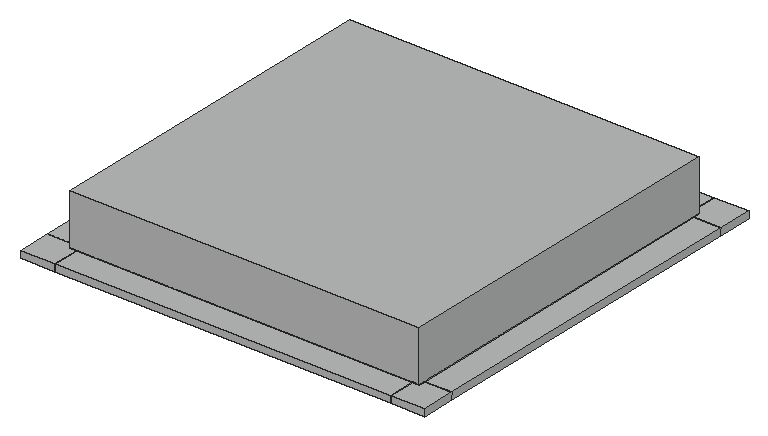
Revit family "ALUMOGIPS", category Осветительные приборы, Revit 2019 (continued)
Types (72, lengths in mm): name | Файл фотометрической сетки | built-in parameter 1150105 | Lumens | built-in parameter 1150106 | built-in parameter 1150142 | Wattage | Emit from Rectangle Width | Emit from Rectangle Length | Длина | Материал светильника | Ширина | ADSK_Ток | ADSK_Полная мощность | ADSK_Обозначение | ADSK_Номинальная мощность | ADSK_Наименование | ADSK_Масса | ADSK_Код изделия
  Alumogips-76/opal-sand 295х1195 (IP40, 4000К, белый) | "Светильник ALUMOGIPS-76 OPAL-SAND-(295x1195).ies" | 604.79 (stored number, unit not read) | 7600 lm | 6.0479 (stored number, unit not read) | "IESNA:LM-63-1995\r\n[TEST] Протокол №335/16 от 03.11.2016г. Испытательная лаборатория Государственного предприятия \"ЦСОТ НАН Беларуси\"\r\n[MORE] FFFFFFFD4B5B12BA015C1433E5FB5F5B8\r\n[DATA] 02.11.2016\r\n[MANUFAC] ЗАО \"Центрстройсвет\"\r\n[LUMCAT] Светильник ALUMOGIPS-76/OPAL-SAND-(295X1195)\r\n[LUMINAIRE] офисное освещение\r\n[LAMP] \r\nTILT=NONE\r\n1    -1.0   1.000 91 181 1 2   0.295   1.195   0.04\r\n1.0  1.0   75.50\r\n0.0 2.0 4.0 6.0 8.0 10.0 12.0 14.0 16.0 18.0 20.0 22.0 24.0 26.0 28.0 30.0 32.0 34.0 36.0 38.0 40.0 42.0 44.0 46.0 48.0 50.0 52.0 54.0 56.0 58.0 60.0 62.0 64.0 66.0 68.0 70.0 72.0 74.0 76.0 78.0 80.0 82.0 84.0 86.0 88.0 90.0 92.0 94.0 96.0 98.0 100.0 102.0 104.0 106.0 108.0 110.0 112.0 114.0 116.0 118.0 120.0 122.0 124.0 126.0 128.0 130.0 132.0 134.0 136.0 138.0 140.0 142.0 144.0 146.0 148.0 150.0 152.0 154.0 156.0 158.0 160.0 162.0 164.0 166.0 168.0 170.0 172.0 174.0 176.0 178.0 180.0 \r\n0.0 2.0 4.0 6.0 8.0 10.0 12.0 14.0 16.0 18.0 20.0 22.0 24.0 26.0 28.0 30.0 32.0 34.0 36.0 38.0 40.0 42.0 44.0 46.0 48.0 50.0 52.0 54.0 56.0 58.0 60.0 62.0 64.0 66.0 68.0 70.0 72.0 74.0 76.0 78.0 80.0 82.0 84.0 86.0 88.0 90.0 92.0 94.0 96.0 98.0 100.0 102.0 104.0 106.0 108.0 110.0 112.0 114.0 116.0 118.0 120.0 122.0 124.0 126.0 128.0 130.0 132.0 134.0 136.0 138.0 140.0 142.0 144.0 146.0 148.0 150.0 152.0 154.0 156.0 158.0 160.0 162.0 164.0 166.0 168.0 170.0 172.0 174.0 176.0 178.0 180.0 182.0 184.0 186.0 188.0 190.0 192.0 194.0 196.0 198.0 200.0 202.0 204.0 206.0 208.0 210.0 212.0 214.0 216.0 218.0 220.0 222.0 224.0 226.0 228.0 230.0 232.0 234.0 236.0 238.0 240.0 242.0 244.0 246.0 248.0 250.0 252.0 254.0 256.0 258.0 260.0 262.0 264.0 266.0 268.0 270.0 272.0 274.0 276.0 278.0 280.0 282.0 284.0 286.0 288.0 290.0 292.0 294.0 296.0 298.0 300.0 302.0 304.0 306.0 308.0 310.0 312.0 314.0 316.0 318.0 320.0 322.0 324.0 326.0 328.0 330.0 332.0 334.0 336.0 338.0 340.0 342.0 344.0 346.0 348.0 350.0 352.0 354.0 356.0 358.0 360.0 \r\n2755.907 2758.554 2753.161 2748.260 2733.459 2716.893 2696.309 2668.372 2638.377 2600.932 2557.411 2512.908 2465.466 2414.396 2357.836 2298.435 2239.229 2172.084 \r\n2104.547 2034.166 1962.708 1888.308 1811.654 1733.628 1653.446 1571.400 1488.670 1404.175 1318.796 1228.811 1141.474 1053.841 965.425 877.106 788.985 701.940 615.582 530.596 \r\n448.650 369.055 293.774 222.217 154.582 93.612 39.699 3.823 3.823 3.725 3.627 3.529 3.431 3.332 3.234 3.137 3.137 3.039 2.941 2.842 2.744 2.647 2.549 2.450 2.450 2.352 2.254 2.157 2.059 1.960 1.862 \r\n1.764 1.764 1.667 1.569 1.470 1.372 1.274 1.177 1.078 1.078 0.980 0.882 0.784 0.687 0.588 0.490 0.392 0.392 0.294 0.196 0.098 0.000 \r\n2755.907 2758.455 2753.064 2748.065 2733.166 2716.501 2695.819 2667.784 2637.692 2600.247 2556.724 2512.124 2464.681 2413.513 2356.954 2297.552 2238.249 2171.202 \r\n2103.565 2033.186 1961.727 1887.328 1810.674 1732.648 1652.465 1570.518 1487.788 1403.292 1317.816 1227.930 1140.689 1053.058 964.837 876.519 788.396 701.548 615.190 530.303 \r\n448.356 368.859 293.578 222.119 154.483 93.612 39.601 3.823 3.725 3.725 3.627 3.529 3.431 3.332 3.234 3.137 3.039 3.039 2.941 2.842 2.744 2.647 2.549 2.450 2.352 2.352 2.254 2.157 2.059 1.960 1.862 \r\n1.764 1.667 1.667 1.569 1.470 1.372 1.274 1.177 1.078 0.980 0.980 0.882 0.784 0.687 0.588 0.490 0.392 0.294 0.294 0.196 0.098 0.000 \r\n2755.907 2758.357 2752.868 2747.770 2732.871 2716.011 2695.329 2667.294 2637.005 2599.462 2556.039 2511.438 2463.897 2412.631 2356.072 2296.670 2237.269 2170.221 \r\n2102.585 2032.205 1960.747 1886.347 1809.694 1731.668 1651.485 1569.538 1486.905 1402.410 1316.934 1227.146 1139.905 1052.371 964.150 876.029 787.906 701.057 614.798 530.008 \r\n448.061 368.663 293.480 222.022 154.386 93.514 39.504 3.823 3.725 3.725 3.627 3.529 3.431 3.332 3.234 3.137 3.039 3.039 2.941 2.842 2.744 2.647 2.549 2.450 2.352 2.352 2.254 2.157 2.059 1.960 1.862 \r\n1.764 1.667 1.667 1.569 1.470 1.372 1.274 1.177 1.078 0.980 0.980 0.882 0.784 0.687 0.588 0.490 0.392 0.294 0.294 0.196 0.098 0.000 \r\n2755.907 2758.259 2752.770 2747.477 2732.577 2715.619 2694.741 2666.706 2636.319 2598.776 2555.352 2510.654 2463.113 2411.749 2355.190 2295.788 2236.289 2169.241 \r\n2101.605 2031.323 1959.767 1885.367 1808.713 1730.687 1650.505 1568.656 1485.925 1401.528 1316.052 1226.361 1139.219 1051.684 963.465 875.440 787.416 700.567 614.406 529.616 \r\n447.866 368.467 293.283 221.923 154.288 93.514 39.504 3.823 3.725 3.725 3.627 3.529 3.431 3.332 3.234 3.137 3.039 3.039 2.941 2.842 2.744 2.647 2.549 2.450 2.352 2.352 2.254 2.157 2.059 1.960 1.862 \r\n1.764 1.667 1.667 1.569 1.470 1.372 1.274 1.177 1.078 0.980 0.980 0.882 0.784 0.687 0.588 0.490 0.392 0.294 0.294 0.196 0.098 0.000 \r\n2755.907 2758.161 2752.671 2747.280 2732.283 2715.227 2694.250 2666.117 2635.633 2598.090 2554.764 2509.967 2462.329 2410.964 2354.406 2294.906 2235.309 2168.359 \r\n2100.625 2030.343 1958.787 1884.387 1807.733 1729.707 1649.525 1567.676 1485.043 1400.646 1315.072 1225.479 1138.435 1050.901 962.876 874.852 786.926 700.176 614.013 529.323 \r\n447.571 368.272 293.088 221.825 154.190 93.415 39.405 3.823 3.725 3.725 3.627 3.529 3.431 3.332 3.234 3.137 3.039 3.039 2.941 2.842 2.744 2.647 2.549 2.450 2.352 2.352 2.254 2.157 2.059 1.960 1.862 \r\n1.764 1.667 1.667 1.569 1.470 1.372 1.274 1.177 1.078 0.980 0.980 0.882 0.784 0.687 0.588 0.490 0.392 0.294 0.294 0.196 0.098 0.000 \r\n2755.907 2757.965 2752.574 2746.987 2731.989 2714.835 2693.662 2665.530 2635.045 2597.404 2554.078 2509.184 2461.545 2410.082 2353.524 2294.024 2234.328 2167.378 \r\n2099.743 2029.363 1957.708 1883.309 1806.753 1728.727 1648.643 1566.794 1484.161 1399.764 1314.190 1224.695 1137.651 1050.214 962.190 874.264 786.338 699.685 613.621 529.028 \r\n447.278 368.075 292.990 221.727 154.190 93.415 39.405 3.823 3.725 3.627 3.627 3.529 3.431 3.332 3.234 3.137 3.039 3.039 2.941 2.842 2.744 2.647 2.549 2.450 2.352 2.352 2.254 2.157 2.059 1.960 1.862 \r\n1.764 1.667 1.667 1.569 1.470 1.372 1.274 1.177 1.078 0.980 0.980 0.882 0.784 0.687 0.588 0.490 0.392 0.294 0.294 0.196 0.098 0.000 \r\n2755.907 2757.867 2752.378 2746.692 2731.695 2714.443 2693.172 2665.040 2634.358 2596.718 2553.392 2508.497 2460.760 2409.200 2352.642 2293.141 2233.348 2166.398 \r\n2098.763 2028.383 1956.728 1882.328 1805.773 1727.747 1647.662 1565.814 1483.181 1398.881 1313.307 1223.911 1136.965 1049.529 961.603 873.675 785.848 699.195 613.230 528.734 \r\n446.983 367.879 292.793 221.629 154.091 93.317 39.307 3.823 3.725 3.627 3.627 3.529 3.431 3.332 3.234 3.137 3.039 2.941 2.941 2.842 2.744 2.647 2.549 2.450 2.352 2.352 2.254 2.157 2.059 1.960 1.862 \r\n1.764 1.667 1.667 1.569 1.470 1.372 1.274 1.177 1.078 0.980 0.980 0.882 0.784 0.687 0.588 0.490 0.392 0.294 0.294 0.196 0.098 0.000 \r\n2755.907 2757.769 2752.279 2746.497 2731.302 2713.953 2692.682 2664.452 2633.673 2596.031 2552.705 2507.713 2459.976 2408.417 2351.759 2292.259 2232.368 2165.418 \r\n2097.782 2027.403 1955.748 1881.348 1804.694 1726.767 1646.682 1564.931 1482.299 1398.097 1312.327 1223.029 1136.181 1048.842 960.916 873.088 785.357 698.803 612.838 528.342 \r\n446.788 367.683 292.598 221.532 153.993 93.220 39.209 3.823 3.725 3.627 3.627 3.529 3.431 3.332 3.234 3.137 3.039 2.941 2.941 2.842 2.744 2.647 2.549 2.450 2.352 2.352 2.254 2.157 2.059 1.960 1.862 \r\n1.764 1.667 1.667 1.569 1.470 1.372 1.274 1.177 1.078 0.980 0.980 0.882 0.784 0.687 0.588 0.490 0.392 0.294 0.294 0.196 0.098 0.000 \r\n2755.907 2757.671 2752.181 2746.202 2731.009 2713.561 2692.094 2663.863 2632.986 2595.346 2552.020 2507.027 2459.192 2407.534 2350.877 2291.377 2231.387 2164.536 \r\n2096.802 2026.520 1954.768 1880.368 1803.714 1725.787 1645.702 1563.951 1481.416 1397.215 1311.445 1222.245 1135.396 1048.058 960.229 872.500 784.867 698.313 612.446 528.048 \r\n446.493 367.487 292.500 221.433 153.896 93.220 39.209 3.823 3.725 3.627 3.627 3.529 3.431 3.332 3.234 3.137 3.039 2.941 2.941 2.842 2.744 2.647 2.549 2.450 2.352 2.254 2.254 2.157 2.059 1.960 1.862 \r\n1.764 1.667 1.667 1.569 1.470 1.372 1.274 1.177 1.078 0.980 0.980 0.882 0.784 0.687 0.588 0.490 0.392 0.294 0.294 0.196 0.098 0.000 \r\n2755.907 2757.573 2752.084 2745.908 2730.715 2713.169 2691.603 2663.275 2632.300 2594.659 2551.333 2506.341 2458.408 2406.652 2349.995 2290.495 2230.407 2163.556 \r\n2095.822 2025.539 1953.788 1879.388 1802.734 1724.806 1644.722 1563.069 1480.436 1396.332 1310.465 1221.460 1134.711 1047.372 959.642 872.010 784.279 697.921 612.053 527.754 \r\n446.199 367.193 292.303 221.335 153.798 93.122 39.111 3.823 3.725 3.627 3.627 3.529 3.431 3.332 3.234 3.137 3.039 2.941 2.941 2.842 2.744 2.647 2.549 2.450 2.352 2.254 2.254 2.157 2.059 1.960 1.862 \r\n1.764 1.667 1.667 1.569 1.470 1.372 1.274 1.177 1.078 0.980 0.980 0.882 0.784 0.687 0.588 0.490 0.392 0.294 0.294 0.196 0.098 0.000 \r\n2755.907 2757.475 2751.986 2745.615 2730.420 2712.777 2691.113 2662.785 2631.614 2593.973 2550.648 2505.556 2457.624 2405.770 2349.113 2289.612 2229.426 2162.576 \r\n2094.842 2024.559 1952.709 1878.309 1801.754 1723.826 1643.742 1562.089 1479.554 1395.450 1309.583 1220.578 1133.926 1046.685 958.956 871.421 783.789 697.431 611.661 527.459 \r\n445.905 366.997 292.108 221.237 153.798 93.122 39.013 3.823 3.725 3.627 3.529 3.529 3.431 3.332 3.234 3.137 3.039 2.941 2.941 2.842 2.744 2.647 2.549 2.450 2.352 2.254 2.254 2.157 2.059 1.960 1.862 \r\n1.764 1.667 1.667 1.569 1.470 1.372 1.274 1.177 1.078 0.980 0.980 0.882 0.784 0.687 0.588 0.490 0.392 0.294 0.294 0.196 0.098 0.000 \r\n2755.907 2757.279 2751.789 2745.418 2730.127 2712.384 2690.525 2662.197 2631.026 2593.287 2550.059 2504.871 2456.839 2404.985 2348.231 2288.730 2228.446 2161.694 \r\n2093.960 2023.579 1951.729 1877.329 1800.774 1722.846 1642.860 1561.207 1478.672 1394.568 1308.701 1219.793 1133.142 1046.000 958.367 870.833 783.299 696.941 611.269 527.067 \r\n445.709 366.800 292.010 221.041 153.700 93.024 39.013 3.823 3.725 3.627 3.529 3.529 3.431 3.332 3.234 3.137 3.039 2.941 2.941 2.842 2.744 2.647 2.549 2.450 2.352 2.254 2.254 2.157 2.059 1.960 1.862 \r\n1.764 1.667 1.569 1.569 1.470 1.372 1.274 1.177 1.078 0.980 0.980 0.882 0.784 0.687 0.588 0.490 0.392 0.294 0.294 0.196 0.098 0.000 \r\n2755.907 2757.180 2751.691 2745.124 2729.832 2711.992 2690.035 2661.608 2630.339 2592.601 2549.373 2504.086 2456.055 2404.103 2347.348 2287.848 2227.466 2160.713 \r\n2092.980 2022.599 1950.749 1876.349 1799.793 1721.768 1641.879 1560.226 1477.691 1393.686 1307.720 1219.010 1132.456 1045.215 957.681 870.245 782.809 696.548 610.877 526.774 \r\n445.414 366.605 291.813 220.943 153.601 93.024 38.915 3.823 3.725 3.627 3.529 3.529 3.431 3.332 3.234 3.137 3.039 2.941 2.842 2.842 2.744 2.647 2.549 2.450 2.352 2.254 2.254 2.157 2.059 1.960 1.862 \r\n1.764 1.667 1.569 1.569 1.470 1.372 1.274 1.177 1.078 0.980 0.980 0.882 0.784 0.687 0.588 0.490 0.392 0.294 0.294 0.196 0.098 0.000 \r\n2755.907 2757.083 2751.594 2744.830 2729.539 2711.502 2689.545 2661.021 2629.654 2591.915 2548.687 2503.401 2455.271 2403.221 2346.564 2286.966 2226.486 2159.733 \r\n2091.999 2021.619 1949.769 1875.369 1798.813 1720.787 1640.899 1559.344 1476.809 1392.804 1306.837 1218.128 1131.672 1044.529 957.093 869.656 782.319 696.058 610.485 526.479 \r\n445.121 366.408 291.618 220.845 153.503 92.925 38.915 3.823 3.725 3.627 3.529 3.529 3.431 3.332 3.234 3.137 3.039 2.941 2.842 2.842 2.744 2.647 2.549 2.450 2.352 2.254 2.254 2.157 2.059 1.960 1.862 \r\n1.764 1.667 1.569 1.569 1.470 1.372 1.274 1.177 1.078 0.980 0.980 0.882 0.784 0.687 0.588 0.490 0.392 0.294 0.294 0.196 0.098 0.000 \r\n2755.907 2756.985 2751.496 2744.634 2729.244 2711.110 2688.957 2660.531 2628.967 2591.228 2548.001 2502.616 2454.389 2402.339 2345.682 2286.084 2225.506 2158.850 \r\n2091.019 2020.737 1948.690 1874.290 1797.833 1719.807 1639.919 1558.364 1475.926 1392.019 1305.955 1217.343 1130.887 1043.843 956.407 869.069 781.730 695.568 610.093 526.185 \r\n444.827 366.213 291.519 220.747 153.406 92.925 38.817 3.823 3.725 3.627 3.529 3.431 3.431 3.332 3.234 3.137 3.039 2.941 2.842 2.842 2.744 2.647 2.549 2.450 2.352 2.254 2.254 2.157 2.059 1.960 1.862 \r\n1.764 1.667 1.569 1.569 1.470 1.372 1.274 1.177 1.078 0.980 0.980 0.882 0.784 0.687 0.588 0.490 0.392 0.294 0.294 0.196 0.098 0.000 \r\n2755.907 2756.887 2751.398 2744.340 2728.852 2710.718 2688.466 2659.943 2628.281 2590.542 2547.314 2501.930 2453.605 2401.554 2344.799 2285.201 2224.525 2157.870 \r\n2090.039 2019.756 1947.710 1873.310 1796.853 1718.827 1638.939 1557.481 1474.946 1391.137 1304.975 1216.559 1130.201 1043.157 955.720 868.481 781.240 695.176 609.701 525.794 \r\n444.631 366.016 291.323 220.649 153.406 92.827 38.719 3.823 3.725 3.627 3.529 3.431 3.431 3.332 3.234 3.137 3.039 2.941 2.842 2.842 2.744 2.647 2.549 2.450 2.352 2.254 2.157 2.157 2.059 1.960 1.862 \r\n1.764 1.667 1.569 1.569 1.470 1.372 1.274 1.177 1.078 0.980 0.980 0.882 0.784 0.687 0.588 0.490 0.392 0.294 0.294 0.196 0.098 0.000 \r\n2755.907 2756.789 2751.201 2744.046 2728.558 2710.326 2687.879 2659.354 2627.693 2589.856 2546.629 2501.244 2452.820 2400.672 2343.917 2284.320 2223.545 2156.890 \r\n2089.059 2018.776 1946.730 1872.330 1795.774 1717.847 1638.056 1556.501 1474.064 1390.255 1304.093 1215.677 1129.417 1042.373 955.133 867.991 780.750 694.686 609.309 525.499 \r\n444.337 365.820 291.128 220.551 153.308 92.730 38.719 3.823 3.725 3.627 3.529 3.431 3.431 3.332 3.234 3.137 3.039 2.941 2.842 2.842 2.744 2.647 2.549 2.450 2.352 2.254 2.157 2.157 2.059 1.960 1.862 \r\n1.764 1.667 1.569 1.569 1.470 1.372 1.274 1.177 1.078 0.980 0.980 0.882 0.784 0.687 0.588 0.490 0.392 0.294 0.294 0.196 0.098 0.000 \r\n2755.907 2756.592 2751.104 2743.850 2728.264 2709.934 2687.389 2658.864 2627.007 2589.170 2545.942 2500.459 2452.036 2399.790 2343.035 2283.438 2222.565 2156.008 \r\n2088.079 2017.796 1945.750 1871.350 1794.794 1716.867 1637.076 1555.619 1473.182 1389.372 1303.113 1214.892 1128.633 1041.687 954.446 867.402 780.260 694.294 608.917 525.205 \r\n444.042 365.625 291.029 220.453 153.209 92.730 38.621 3.823 3.725 3.627 3.529 3.431 3.431 3.332 3.234 3.137 3.039 2.941 2.842 2.744 2.744 2.647 2.549 2.450 2.352 2.254 2.157 2.157 2.059 1.960 1.862 \r\n1.764 1.667 1.569 1.569 1.470 1.372 1.274 1.177 1.078 0.980 0.882 0.882 0.784 0.687 0.588 0.490 0.392 0.294 0.294 0.196 0.098 0.000 \r\n2755.907 2756.495 2751.006 2743.556 2727.970 2709.443 2686.899 2658.276 2626.320 2588.484 2545.255 2499.773 2451.252 2399.006 2342.153 2282.556 2221.585 2155.028 \r\n2087.196 2016.816 1944.769 1870.370 1793.814 1715.886 1636.095 1554.639 1472.202 1388.490 1302.231 1214.109 1127.946 1041.000 953.858 866.814 779.672 693.804 608.524 524.912 \r\n443.749 365.330 290.833 220.355 153.111 92.632 38.523 3.823 3.725 3.627 3.529 3.431 3.431 3.332 3.234 3.137 3.039 2.941 2.842 2.744 2.744 2.647 2.549 2.450 2.352 2.254 2.157 2.157 2.059 1.960 1.862 \r\n1.764 1.667 1.569 1.569 1.470 1.372 1.274 1.177 1.078 0.980 0.882 0.882 0.784 0.687 0.588 0.490 0.392 0.294 0.294 0.196 0.098 0.000 \r\n2755.907 2756.397 2750.907 2743.261 2727.676 2709.052 2686.311 2657.687 2625.635 2587.700 2544.668 2498.989 2450.468 2398.124 2341.271 2281.673 2220.605 2154.047 \r\n2086.215 2015.836 1943.691 1869.292 1792.834 1714.906 1635.115 1553.757 1471.320 1387.608 1301.348 1213.227 1127.163 1040.314 953.173 866.226 779.182 693.314 608.132 524.519 \r\n443.552 365.134 290.637 220.257 153.013 92.632 38.523 3.823 3.725 3.627 3.529 3.431 3.332 3.332 3.234 3.137 3.039 2.941 2.842 2.744 2.744 2.647 2.549 2.450 2.352 2.254 2.157 2.157 2.059 1.960 1.862 \r\n1.764 1.667 1.569 1.569 1.470 1.372 1.274 1.177 1.078 0.980 0.882 0.882 0.784 0.687 0.588 0.490 0.392 0.294 0.294 0.196 0.098 0.000 \r\n2755.907 2756.299 2750.711 2742.968 2727.382 2708.660 2685.821 2657.100 2624.948 2587.013 2543.982 2498.303 2449.684 2397.242 2340.388 2280.791 2219.624 2153.166 \r\n2085.235 2014.954 1942.7
